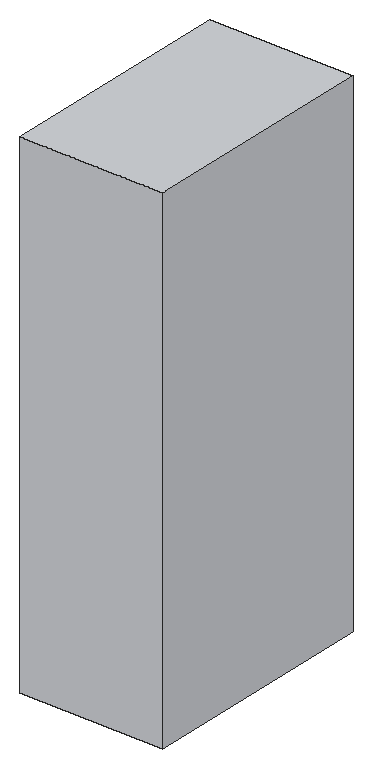
Revit family "第二期車站03_RTU機櫃_600x1000x2100", category 電氣設備, Revit 2025
Family settings
  面板規劃 = 兩欄，回路穿越
  圓形接點標註 = 使用直徑
  組件類型 = 分電盤
  OmniClass 編號 = 23.80.30.11.17
  OmniClass 標題 = Distribution Boards and Control Panels
  以工作平面為基礎 = 否
  總是垂直 = 是
  載入時使用空心切割 = 否
  維持標註方位 = 否
  共用 = 否
  房間計算點 = 否
Parameters (values of type "RTU 與網路機櫃")
  built-in parameter 1155100 [instance] = -1
  Default Elevation = 0 mm
  built-in parameter 1140142 [instance] = -1
  SCADA_高mm [instance] = "2100"
  SCADA_附錄F項次 [instance] = "21"
  SCADA_附錄D項次 [instance] = "12"
  SCADA_編號 [instance] = "P2S03-COMS-RTU-01"
  SCADA_站點 [instance] = "車站 3"
  SCADA_深mm [instance] = "1000"
  SCADA_機櫃類型 [instance] = "RTU 與網路機櫃"
  SCADA_期別 [instance] = "第二期"
  SCADA_房間 [instance] = "COMS/SCADA 設備室"
  SCADA_建物 [instance] = "車站"
  SCADA_尺寸 [instance] = "600W×1000D×2100H"
  SCADA_寬mm [instance] = "600"
  SCADA_定位來源 [instance] = "獨立設備族群（載入專案後定位）"
  SCADA_備註 [instance] = ""
  SCADA_來源文件 [instance] = "Installation SoW_V6（Rev.006, 2026-07-02）附錄 D / F；依原文顏色標示排除已刪除項目"
  SCADA_UPS電源110V [instance] = "雙 UPS 電源（2×4500VA）"
  built-in parameter 1140140 [instance] = 1 (stored number, unit not read)
Reference planes
  plane 1 "中心 (前/後)": y = 0
  plane 2: z = 0
  plane 3 "中心 (左/右)": x = 0
Forms (mm)
  Extrusion 1, solid
    sketch origin (0, 0, 0) x (1, 0, 0) y (0, 1, 0)
      loop
        line (-300, -500) -> (300, -500) -> (300, 500) -> (-300, 500) -> (-300, -500)
    from 0 to 2100
Lines and regions (mm)
  symbolic lines, style "開門線"
    curve 1: line (300, -500, 0) -> (300, -1100, 0)
    curve 2: arc (-300, -500, 0) -> (-124.264, -924.264, 0) -> (300, -1100, 0) r 600
    curve 3: line (-300, 500, 0) -> (-300, 1100, 0)
    curve 4: arc (300, 500, 0) -> (124.264, 924.264, 0) -> (-300, 1100, 0) r 600
Dimensions and locks
  aligned and locked: level to plane 2
